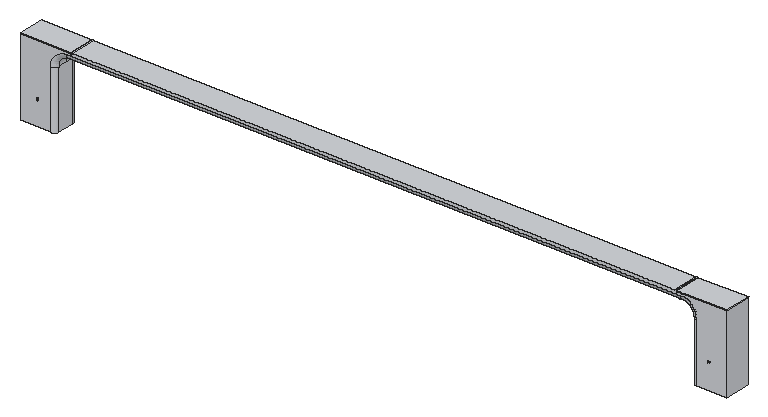
Revit family "Accessory-Towel_Bar-KOHLER-STRAYT-K-37347T_1", category Specialty Equipment, host Face, Revit 2017 (continued)
Definition of nested family "K-37347T"
  Lines and regions (in)
    symbolic lines, visible <- "Patern", detail levels medium+fine
      curve 166: line (-11.06454, -0.23799, 0) -> (-10.94449, -0.2785, 0)
      curve 167: arc (-10.94449, -0.2785, 0) -> (-10.93052, -0.28883, 0) -> (-10.9252, -0.30537, 0) r 0.02836
      curve 168: line (-10.9252, -0.30537, 0) -> (-10.9252, -0.34722, 0)
      curve 169: arc (-10.9252, -0.34722, 0) -> (-10.93304, -0.36617, 0) -> (-10.95199, -0.37402, 0) r 0.02679
      curve 170: line (-10.95199, -0.37402, 0) -> (-10.99091, -0.37402, 0)
      curve 171: line (-10.99091, -0.37402, 0) -> (-11.07888, -0.25791, 0)
      curve 172: arc (-11.07888, -0.25791, 0) -> (-11.07907, -0.24265, 0) -> (-11.06454, -0.23799, 0) r 0.01284
      curve 173: line (-10.9512, -0.23469, 0) -> (-11.12282, -0.17677, 0)
      curve 174: arc (-11.12282, -0.17677, 0) -> (-11.13295, -0.16564, 0) -> (-11.12887, -0.15115, 0) r 0.01551
      curve 175: line (-11.12887, -0.15115, 0) -> (-10.94943, 0.02984, 0)
      curve 176: arc (-10.94943, 0.02984, 0) -> (-10.934, 0.03296, 0) -> (-10.92523, 0.01988, 0) r 0.01415
      curve 177: line (-10.92523, 0.01988, 0) -> (-10.9252, -0.21602, 0)
      curve 178: arc (-10.9252, -0.21602, 0) -> (-10.93341, -0.23202, 0) -> (-10.9512, -0.23469, 0) r 0.0197
      curve 179: line (-10.95591, 0.10112, 0) -> (-11.09091, 0.22019, 0)
      curve 180: arc (-11.09091, 0.22019, 0) -> (-11.09906, 0.23561, 0) -> (-11.09494, 0.25255, 0) r 0.02462
      curve 181: line (-11.09494, 0.25255, 0) -> (-11.02286, 0.35787, 0)
      curve 182: arc (-11.02286, 0.35787, 0) -> (-11.00955, 0.36973, 0) -> (-10.99224, 0.37402, 0) r 0.0371
      curve 183: line (-10.99224, 0.37402, 0) -> (-10.94758, 0.37402, 0)
      curve 184: arc (-10.94758, 0.37402, 0) -> (-10.93175, 0.36746, 0) -> (-10.9252, 0.35163, 0) r 0.02238
      curve 185: line (-10.9252, 0.35163, 0) -> (-10.9252, 0.11498, 0)
      curve 186: arc (-10.9252, 0.11498, 0) -> (-10.93608, 0.09813, 0) -> (-10.95591, 0.10112, 0) r 0.01848
      curve 187: line (-11.61246, -0.37402, 0) -> (-11.72295, -0.37402, 0)
      curve 188: arc (-11.72295, -0.37402, 0) -> (-11.7383, -0.36629, 0) -> (-11.74125, -0.34936, 0) r 0.01912
      curve 189: line (-11.74125, -0.34936, 0) -> (-11.69659, -0.2016, 0)
      curve 190: arc (-11.69659, -0.2016, 0) -> (-11.68585, -0.18986, 0) -> (-11.66997, -0.19088, 0) r 0.0184
      curve 191: line (-11.66997, -0.19088, 0) -> (-11.63869, -0.20842, 0)
      curve 192: arc (-11.63869, -0.20842, 0) -> (-11.6251, -0.22037, 0) -> (-11.61758, -0.23684, 0) r 0.04333
      curve 193: line (-11.61758, -0.23684, 0) -> (-11.59266, -0.34934, 0)
      curve 194: arc (-11.59266, -0.34934, 0) -> (-11.59664, -0.36643, 0) -> (-11.61246, -0.37402, 0) r 0.02029
      curve 195: arc (-11.56337, 0.34552, 0) -> (-11.57654, 0.35354, 0) -> (-11.58972, 0.34553, 0) r 0.01484
      curve 196: line (-11.43675, 0.101, 0) -> (-11.56337, 0.34552, 0)
      curve 197: arc (12.50178, 0.37402, 0) -> (12.53789, 0.34865, 0) -> (12.52628, 0.30607, 0) r 0.03839
      curve 198: line (12.40945, 0.37402, 0) -> (12.50178, 0.37402, 0)
      curve 199: arc (12.37901, 0.35281, 0) -> (12.39089, 0.36819, 0) -> (12.40945, 0.37402, 0) r 0.03245
      curve 200: line (12.30571, 0.15428, 0) -> (12.37901, 0.35281, 0)
      curve 201: line (12.52628, 0.30607, 0) -> (12.32591, 0.13997, 0)
      curve 202: arc (12.32591, 0.13997, 0) -> (12.31032, 0.13938, 0) -> (12.30571, 0.15428, 0) r 0.01282
      curve 203: line (12.45644, 0.19704, 0) -> (12.51639, 0.24673, 0)
      curve 204: arc (12.51639, 0.24673, 0) -> (12.53131, 0.24863, 0) -> (12.53937, 0.23593, 0) r 0.01403
      curve 205: line (12.53937, 0.23593, 0) -> (12.53937, 0.02135, 0)
      curve 206: line (12.51499, 0.01605, 0) -> (12.4484, 0.16194, 0)
      curve 207: arc (12.4484, 0.16194, 0) -> (12.44647, 0.18085, 0) -> (12.45644, 0.19704, 0) r 0.02962
      curve 208: arc (12.53937, 0.02135, 0) -> (12.52932, 0.00888, 0) -> (12.51499, 0.01605, 0) r 0.01276
      curve 209: arc (12.38984, 0.14183, 0) -> (12.40505, 0.14545, 0) -> (12.41716, 0.13558, 0) r 0.01764
      curve 210: line (12.27721, 0.04847, 0) -> (12.38984, 0.14183, 0)
      curve 211: arc (12.25513, 0.01728, 0) -> (12.26411, 0.03433, 0) -> (12.27721, 0.04847, 0) r 0.07365
      curve 212: line (12.23214, -0.04497, 0) -> (12.25513, 0.01728, 0)
      curve 213: arc (12.24091, -0.07497, 0) -> (12.23157, -0.06142, 0) -> (12.23214, -0.04497, 0) r 0.02623
      curve 214: line (12.34405, -0.15309, 0) -> (12.24091, -0.07497, 0)
      curve 215: arc (12.37532, -0.16045, 0) -> (12.35891, -0.16008, 0) -> (12.34405, -0.15309, 0) r 0.03963
      curve 216: line (12.46538, -0.14347, 0) -> (12.37532, -0.16045, 0)
      curve 217: line (12.50614, -0.10569, 0) -> (12.46538, -0.14347, 0)
      curve 218: arc (12.51259, -0.07349, 0) -> (12.51457, -0.09063, 0) -> (12.50614, -0.10569, 0) r 0.02804
      curve 219: line (12.41716, 0.13558, 0) -> (12.51259, -0.07349, 0)
      curve 220: arc (12.51395, -0.15213, 0) -> (12.53029, -0.14936, 0) -> (12.53937, -0.16323, 0) r 0.01513
      curve 221: line (12.53937, -0.16323, 0) -> (12.53937, -0.3184, 0)
      curve 222: line (12.42257, -0.23683, 0) -> (12.51395, -0.15213, 0)
      curve 223: arc (12.42463, -0.26812, 0) -> (12.41615, -0.25296, 0) -> (12.42257, -0.23683, 0) r 0.02019
      curve 224: line (12.51412, -0.33146, 0) -> (12.42463, -0.26812, 0)
      curve 225: arc (12.53937, -0.3184, 0) -> (12.53072, -0.33262, 0) -> (12.51412, -0.33146, 0) r 0.016
      curve 226: line (12.53937, -0.16323, 0) -> (12.53937, -0.3184, 0)
      curve 227: line (12.39175, -0.29307, 0) -> (12.47452, -0.35167, 0)
      curve 228: arc (12.35962, -0.29519, 0) -> (12.37531, -0.28843, 0) -> (12.39175, -0.29307, 0) r 0.02555
      curve 229: line (12.29935, -0.35106, 0) -> (12.35962, -0.29519, 0)
      curve 230: arc (12.30835, -0.37402, 0) -> (12.29602, -0.36561, 0) -> (12.29935, -0.35106, 0) r 0.01324
      curve 231: line (12.46741, -0.37402, 0) -> (12.30835, -0.37402, 0)
      curve 232: arc (12.47452, -0.35167, 0) -> (12.47914, -0.36544, 0) -> (12.46741, -0.37402, 0) r 0.01231
      curve 233: line (12.21669, -0.37402, 0) -> (12.17058, -0.37402, 0)
      curve 234: line (12.37944, -0.22315, 0) -> (12.21669, -0.37402, 0)
      curve 235: arc (12.36809, -0.20064, 0) -> (12.38223, -0.20763, 0) -> (12.37944, -0.22315, 0) r 0.01312
      curve 236: line (12.1101, -0.24927, 0) -> (12.36809, -0.20064, 0)
      curve 237: arc (12.09977, -0.27498, 0) -> (12.09788, -0.25929, 0) -> (12.1101, -0.24927, 0) r 0.01644
      curve 238: line (12.17058, -0.37402, 0) -> (12.09977, -0.27498, 0)
      curve 239: line (12.27518, -0.17932, 0) -> (11.98523, -0.23396, 0)
      curve 240: arc (12.28097, -0.1547, 0) -> (12.28608, -0.16889, 0) -> (12.27518, -0.17932, 0) r 0.01383
      curve 241: line (12.14023, -0.0481, 0) -> (12.28097, -0.1547, 0)
      curve 242: arc (12.10234, -0.0527, 0) -> (12.12035, -0.04273, 0) -> (12.14023, -0.0481, 0) r 0.02744
      curve 243: line (11.97259, -0.21278, 0) -> (12.10234, -0.0527, 0)
      curve 244: arc (11.98523, -0.23396, 0) -> (11.97152, -0.22778, 0) -> (11.97259, -0.21278, 0) r 0.01314
      curve 245: line (12.31308, 0.28791, 0) -> (12.20109, -0.01541, 0)
      curve 246: arc (12.29211, 0.3054, 0) -> (12.30877, 0.30405, 0) -> (12.31308, 0.28791, 0) r 0.01449
      curve 247: line (12.00351, 0.13485, 0) -> (12.29211, 0.3054, 0)
      curve 248: arc (12.00187, 0.10609, 0) -> (11.99502, 0.12091, 0) -> (12.00351, 0.13485, 0) r 0.01735
      curve 249: line (12.17308, -0.02359, 0) -> (12.00187, 0.10609, 0)
      curve 250: arc (12.20109, -0.01541, 0) -> (12.18915, -0.02655, 0) -> (12.17308, -0.02359, 0) r 0.01817
      curve 251: line (12.29262, 0.35143, 0) -> (11.90446, 0.12204, 0)
      curve 252: arc (12.28645, 0.37402, 0) -> (12.29815, 0.36508, 0) -> (12.29262, 0.35143, 0) r 0.01214
      curve 253: line (11.98474, 0.37402, 0) -> (12.28645, 0.37402, 0)
      curve 254: arc (11.96087, 0.35705, 0) -> (11.97009, 0.36934, 0) -> (11.98474, 0.37402, 0) r 0.02528
      curve 255: line (11.88471, 0.13821, 0) -> (11.96087, 0.35705, 0)
      curve 256: arc (11.90446, 0.12204, 0) -> (11.88894, 0.12323, 0) -> (11.88471, 0.13821, 0) r 0.01359
      curve 257: line (11.86911, 0.05542, 0) -> (11.92807, 0.09026, 0)
      curve 258: arc (11.92807, 0.09026, 0) -> (11.9443, 0.09421, 0) -> (11.95997, 0.08843, 0) r 0.02868
      curve 259: line (11.95997, 0.08843, 0) -> (12.06822, 0.00644, 0)
      curve 260: arc (12.06822, 0.00644, 0) -> (12.0774, -0.00952, 0) -> (12.0723, -0.02723, 0) r 0.0236
      curve 261: line (12.0723, -0.02723, 0) -> (11.97449, -0.14792, 0)
      curve 262: arc (11.97449, -0.14792, 0) -> (11.96114, -0.15585, 0) -> (11.94585, -0.1532, 0) r 0.02241
      curve 263: line (11.94585, -0.1532, 0) -> (11.82863, -0.08535, 0)
      curve 264: arc (11.82863, -0.08535, 0) -> (11.8176, -0.07227, 0) -> (11.81742, -0.05517, 0) r 0.02528
      curve 265: line (11.81742, -0.05517, 0) -> (11.84614, 0.02736, 0)
      curve 266: arc (11.84614, 0.02736, 0) -> (11.85514, 0.04343, 0) -> (11.86911, 0.05542, 0) r 0.05272
      curve 267: line (11.9327, -0.28392, 0) -> (12.02601, -0.26634, 0)
      curve 268: arc (12.02601, -0.26634, 0) -> (12.04349, -0.26828, 0) -> (12.0569, -0.27967, 0) r 0.03007
      curve 269: line (12.0569, -0.27967, 0) -> (12.10286, -0.35139, 0)
      curve 270: arc (12.10286, -0.35139, 0) -> (12.10338, -0.36637, 0) -> (12.09049, -0.37402, 0) r 0.0147
      curve 271: line (12.09049, -0.37402, 0) -> (11.87364, -0.37402, 0)
      curve 272: arc (11.87364, -0.37402, 0) -> (11.85999, -0.3654, 0) -> (11.86189, -0.34937, 0) r 0.01512
      curve 273: line (11.86189, -0.34937, 0) -> (11.8983, -0.30445, 0)
      curve 274: arc (11.8983, -0.30445, 0) -> (11.91368, -0.29113, 0) -> (11.9327, -0.28392, 0) r 0.05814
      curve 275: line (11.92364, -0.21066, 0) -> (11.80914, -0.35193, 0)
      curve 276: arc (11.80914, -0.35193, 0) -> (11.7937, -0.35753, 0) -> (11.78152, -0.34651, 0) r 0.01593
      curve 277: line (11.78152, -0.34651, 0) -> (11.7026, -0.08543, 0)
      curve 278: arc (11.7026, -0.08543, 0) -> (11.70723, -0.07064, 0) -> (11.72269, -0.06952, 0) r 0.01378
      curve 279: line (11.72269, -0.06952, 0) -> (11.91851, -0.18287, 0)
      curve 280: arc (11.91851, -0.18287, 0) -> (11.92748, -0.19558, 0) -> (11.92364, -0.21066, 0) r 0.01859
      curve 281: line (11.75488, -0.04266, 0) -> (11.57604, 0.06087, 0)
      curve 282: arc (11.78383, -0.03191, 0) -> (11.77189, -0.0441, 0) -> (11.75488, -0.04266, 0) r 0.02002
      curve 283: line (11.84976, 0.15754, 0) -> (11.78383, -0.03191, 0)
      curve 284: arc (11.83035, 0.17672, 0) -> (11.84611, 0.17326, 0) -> (11.84976, 0.15754, 0) r 0.01511
      curve 285: line (11.57826, 0.08572, 0) -> (11.83035, 0.17672, 0)
      curve 286: arc (11.57604, 0.06087, 0) -> (11.56923, 0.074, 0) -> (11.57826, 0.08572, 0) r 0.01376
      curve 287: line (11.64671, 0.37402, 0) -> (11.89669, 0.37402, 0)
      curve 288: arc (11.89669, 0.37402, 0) -> (11.91314, 0.36553, 0) -> (11.91575, 0.3472, 0) r 0.02018
      curve 289: line (11.91575, 0.3472, 0) -> (11.8826, 0.25193, 0)
      curve 290: arc (11.8826, 0.25193, 0) -> (11.87401, 0.23815, 0) -> (11.86034, 0.2294, 0) r 0.03681
      curve 291: line (11.86034, 0.2294, 0) -> (11.73937, 0.18573, 0)
      curve 292: arc (11.73937, 0.18573, 0) -> (11.72325, 0.18595, 0) -> (11.71127, 0.19672, 0) r 0.02289
      curve 293: line (11.71127, 0.19672, 0) -> (11.63192, 0.34968, 0)
      curve 294: arc (11.63192, 0.34968, 0) -> (11.63247, 0.36601, 0) -> (11.64671, 0.37402, 0) r 0.01666
      curve 295: line (11.58972, 0.34553, 0) -> (11.67268, 0.18562, 0)
      curve 296: arc (11.67268, 0.18562, 0) -> (11.67355, 0.1692, 0) -> (11.66176, 0.15772, 0) r 0.01992
      curve 297: line (11.66176, 0.15772, 0) -> (11.45307, 0.08238, 0)
      curve 298: arc (11.45307, 0.08238, 0) -> (11.43856, 0.08612, 0) -> (11.43675, 0.101, 0) r 0.01329
      curve 299: line (11.66176, -0.15034, 0) -> (11.51071, -0.23505, 0)
      curve 300: arc (11.6728, -0.12293, 0) -> (11.6721, -0.13858, 0) -> (11.66176, -0.15034, 0) r 0.0236
      curve 301: line (11.64783, -0.0403, 0) -> (11.6728, -0.12293, 0)
      curve 302: arc (11.62717, -0.01422, 0) -> (11.63998, -0.0253, 0) -> (11.64783, -0.0403, 0) r 0.04528
      curve 303: line (11.51731, 0.04937, 0) -> (11.62717, -0.01422, 0)
      curve 304: arc (11.48546, 0.05222, 0) -> (11.5017, 0.05432, 0) -> (11.51731, 0.04937, 0) r 0.03789
      curve 305: line (11.41484, 0.02673, 0) -> (11.48546, 0.05222, 0)
      curve 306: arc (11.38455, 0.00017, 0) -> (11.39719, 0.01631, 0) -> (11.41484, 0.02673, 0) r 0.05523
      curve 307: line (11.3522, -0.0623, 0) -> (11.38455, 0.00017, 0)
      curve 308: arc (11.35657, -0.09523, 0) -> (11.3492, -0.07946, 0) -> (11.3522, -0.0623, 0) r 0.029
      curve 309: line (11.48022, -0.23016, 0) -> (11.35657, -0.09523, 0)
      curve 310: arc (11.51071, -0.23505, 0) -> (11.49461, -0.23791, 0) -> (11.48022, -0.23016, 0) r 0.02486
      curve 311: line (11.38331, -0.35163, 0) -> (11.5482, -0.25916, 0)
      curve 312: arc (11.5482, -0.25916, 0) -> (11.56353, -0.26014, 0) -> (11.5689, -0.27454, 0) r 0.01413
      curve 313: line (11.5689, -0.27454, 0) -> (11.55158, -0.35276, 0)
      curve 314: arc (11.55158, -0.35276, 0) -> (11.54208, -0.36805, 0) -> (11.5251, -0.37402, 0) r 0.02712
      curve 315: line (11.5251, -0.37402, 0) -> (11.38916, -0.37402, 0)
      curve 316: arc (11.38916, -0.37402, 0) -> (11.37759, -0.36508, 0) -> (11.38331, -0.35163, 0) r 0.01196
      curve 317: line (11.30606, -0.34981, 0) -> (11.43689, -0.27644, 0)
      curve 318: arc (11.43689, -0.27644, 0) -> (11.44656, -0.26259, 0) -> (11.44171, -0.24641, 0) r 0.0194
      curve 319: line (11.44171, -0.24641, 0) -> (11.2632, -0.05162, 0)
      curve 320: arc (11.2632, -0.05162, 0) -> (11.24827, -0.0487, 0) -> (11.24108, -0.06211, 0) r 0.01281
      curve 321: line (11.24108, -0.06211, 0) -> (11.28077, -0.33733, 0)
      curve 322: arc (11.28077, -0.33733, 0) -> (11.29013, -0.35023, 0) -> (11.30606, -0.34981, 0) r 0.0171
      curve 323: line (11.32542, -0.02839, 0) -> (11.40575, 0.12675, 0)
      curve 324: arc (11.40575, 0.12675, 0) -> (11.40447, 0.14204, 0) -> (11.39012, 0.1475, 0) r 0.01441
      curve 325: line (11.39012, 0.1475, 0) -> (11.23665, 0.11671, 0)
      curve 326: arc (11.23665, 0.11671, 0) -> (11.22278, 0.10768, 0) -> (11.21891, 0.09158, 0) r 0.02237
      curve 327: line (11.21891, 0.09158, 0) -> (11.22518, 0.04814, 0)
      curve 328: line (11.22518, 0.04814, 0) -> (11.29858, -0.03195, 0)
      curve 329: arc (11.29858, -0.03195, 0) -> (11.31293, -0.03717, 0) -> (11.32542, -0.02839, 0) r 0.01652
      curve 330: line (11.0758, 0.1246, 0) -> (11.42568, 0.19478, 0)
      curve 331: arc (11.42568, 0.19478, 0) -> (11.44037, 0.20138, 0) -> (11.45077, 0.21368, 0) r 0.03629
      curve 332: line (11.45077, 0.21368, 0) -> (11.52194, 0.35113, 0)
      curve 333: arc (11.52194, 0.35113, 0) -> (11.52141, 0.36649, 0) -> (11.50802, 0.37402, 0) r 0.01568
      curve 334: line (11.50802, 0.37402, 0) -> (11.34248, 0.37402, 0)
      curve 335: arc (11.34248, 0.37402, 0) -> (11.32599, 0.371, 0) -> (11.31162, 0.36235, 0) r 0.04665
      curve 336: line (11.31162, 0.36235, 0) -> (11.06553, 0.14531, 0)
      curve 337: arc (11.06553, 0.14531, 0) -> (11.06273, 0.13102, 0) -> (11.0758, 0.1246, 0) r 0.01197
      curve 338: line (11.15419, 0.276, 0) -> (11.23806, 0.34996, 0)
      curve 339: arc (11.23806, 0.34996, 0) -> (11.24182, 0.36513, 0) -> (11.22896, 0.37402, 0) r 0.01374
      curve 340: line (11.22896, 0.37402, 0) -> (11.08902, 0.37402, 0)
      curve 341: arc (11.08902, 0.37402, 0) -> (11.07526, 0.36571, 0) -> (11.07618, 0.34967, 0) r 0.01556
      curve 342: line (11.07618, 0.34967, 0) -> (11.12403, 0.27975, 0)
      curve 343: arc (11.12403, 0.27975, 0) -> (11.13827, 0.27108, 0) -> (11.15419, 0.276, 0) r 0.02028
      curve 344: line (11.15324, 0.09998, 0) -> (10.99826, 0.06889, 0)
      curve 345: arc (10.99826, 0.06889, 0) -> (10.98709, 0.05876, 0) -> (10.99071, 0.04412, 0) r 0.0147
      curve 346: line (10.99071, 0.04412, 0) -> (11.1704, -0.13712, 0)
      curve 347: line (11.1704, -0.13712, 0) -> (11.19429, -0.10559, 0)
      curve 348: arc (11.19429, -0.10559, 0) -> (11.20186, -0.08994, 0) -> (11.20281, -0.07258, 0) r 0.0442
      curve 349: line (11.20281, -0.07258, 0) -> (11.18072, 0.08058, 0)
      curve 350: arc (11.18072, 0.08058, 0) -> (11.17116, 0.09619, 0) -> (11.15324, 0.09998, 0) r 0.02316
      curve 351: line (11.1941, -0.17104, 0) -> (11.05868, -0.34976, 0)
      curve 352: arc (11.05868, -0.34976, 0) -> (11.05719, -0.36562, 0) -> (11.07073, -0.37402, 0) r 0.01512
      curve 353: line (11.07073, -0.37402, 0) -> (11.22558, -0.37402, 0)
      curve 354: arc (11.22558, -0.37402, 0) -> (11.23913, -0.36782, 0) -> (11.24333, -0.35353, 0) r 0.01793
      curve 355: line (11.24333, -0.35353, 0) -> (11.2179, -0.17718, 0)
      curve 356: arc (11.2179, -0.17718, 0) -> (11.20804, -0.16619, 0) -> (11.1941, -0.17104, 0) r 0.01332
      curve 357: line (11.06454, -0.23799, 0) -> (10.94449, -0.2785, 0)
      curve 358: arc (10.94449, -0.2785, 0) -> (10.93052, -0.28883, 0) -> (10.9252, -0.30537, 0) r 0.02836
      curve 359: line (10.9252, -0.30537, 0) -> (10.9252, -0.34722, 0)
      curve 360: arc (10.9252, -0.34722, 0) -> (10.93304, -0.36617, 0) -> (10.95199, -0.37402, 0) r 0.02679
      curve 361: line (10.95199, -0.37402, 0) -> (10.99091, -0.37402, 0)
      curve 362: line (10.99091, -0.37402, 0) -> (11.07888, -0.25791, 0)
      curve 363: arc (11.07888, -0.25791, 0) -> (11.07907, -0.24265, 0) -> (11.06454, -0.23799, 0) r 0.01284
      curve 364: line (10.9512, -0.23469, 0) -> (11.12282, -0.17677, 0)
      curve 365: arc (11.12282, -0.17677, 0) -> (11.13295, -0.16564, 0) -> (11.12887, -0.15115, 0) r 0.01551
      curve 366: line (11.12887, -0.15115, 0) -> (10.94943, 0.02984, 0)
      curve 367: arc (10.94943, 0.02984, 0) -> (10.934, 0.03296, 0) -> (10.92523, 0.01988, 0) r 0.01415
      curve 368: line (10.92523, 0.01988, 0) -> (10.9252, -0.21602, 0)
      curve 369: arc (10.9252, -0.21602, 0) -> (10.93341, -0.23202, 0) -> (10.9512, -0.23469, 0) r 0.0197
      curve 370: line (10.95591, 0.10112, 0) -> (11.09091, 0.22019, 0)
      curve 371: arc (11.09091, 0.22019, 0) -> (11.09906, 0.23561, 0) -> (11.09494, 0.25255, 0) r 0.02462
      curve 372: line (11.09494, 0.25255, 0) -> (11.02286, 0.35787, 0)
      curve 373: arc (11.02286, 0.35787, 0) -> (11.00955, 0.36973, 0) -> (10.99224, 0.37402, 0) r 0.0371
      curve 374: line (10.99224, 0.37402, 0) -> (10.94758, 0.37402, 0)
      curve 375: arc (10.94758, 0.37402, 0) -> (10.93175, 0.36746, 0) -> (10.9252, 0.35163, 0) r 0.02238
      curve 376: line (10.9252, 0.35163, 0) -> (10.9252, 0.11498, 0)
      curve 377: arc (10.9252, 0.11498, 0) -> (10.93608, 0.09813, 0) -> (10.95591, 0.10112, 0) r 0.01848
      curve 378: line (11.61246, -0.37402, 0) -> (11.72295, -0.37402, 0)
      curve 379: arc (11.72295, -0.37402, 0) -> (11.7383, -0.36629, 0) -> (11.74125, -0.34936, 0) r 0.01912
      curve 380: line (11.74125, -0.34936, 0) -> (11.69659, -0.2016, 0)
      curve 381: arc (11.69659, -0.2016, 0) -> (11.68585, -0.18986, 0) -> (11.66997, -0.19088, 0) r 0.0184
      curve 382: line (11.66997, -0.19088, 0) -> (11.63869, -0.20842, 0)
      curve 383: arc (11.63869, -0.20842, 0) -> (11.6251, -0.22037, 0) -> (11.61758, -0.23684, 0) r 0.04333
      curve 384: line (11.61758, -0.23684, 0) -> (11.59266, -0.34934, 0)
      curve 385: arc (11.59266, -0.34934, 0) -> (11.59664, -0.36643, 0) -> (11.61246, -0.37402, 0) r 0.02029
      curve 386: arc (11.56337, 0.34552, 0) -> (11.57654, 0.35354, 0) -> (11.58972, 0.34553, 0) r 0.01484
      curve 387: line (11.43675, 0.101, 0) -> (11.56337, 0.34552, 0)
  Dimensions and locks (in)
    plane 5 to plane 4 = 0.94488"
    level to plane 15 = 2.79723"
    plane 12 to plane 6 = 1.25984"
    plane 10 to plane 8 = 1.25984"
    plane 14 to plane 13 = 24.01575"
    plane 15 to level = 2.79723"  (x2)
    aligned and locked: plane 2 to level
Types (4): name | Without Patern | White Color | Type | Red Color | Product Page URL | Patern Design | Model
  (no name) | yes | no | 1 | no | "https://www.kohler.com.cn/product/K-37347T-CP/K-37347T-CP/" | no | "K-37347T-CP"
  CP-Polished Chrome | yes | no | 1 | no | "https://www.kohler.com.cn/product/K-37347T-CP/K-37347T-CP/" | no | "K-37347T-CP"
  DPR, CP-Polished Chrome | no | no | 2 | yes | "https://www.kohler.com.cn/product/K-37347T-CP/K-37347T-DPR-CP/" | yes | "K-37347T-DPR-CP"
  DPW, CP-Polished Chrome | no | yes | 3 | no | "https://www.kohler.com.cn/product/K-37347T-CP/K-37347T-DPW-CP/" | yes | "K-37347T-DPW-CP"
